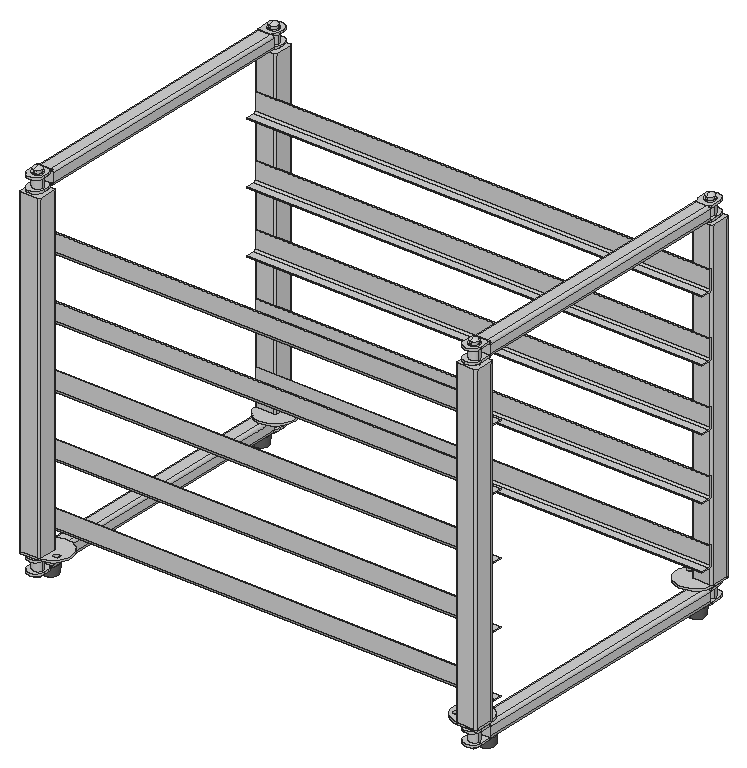
Revit family "QF_BOURGEAT_Echelle_de_mise_en_place", category Equipement spécialisé, Revit 2015
Parameters
  URL catalogue = "http://www.bourgeat.fr"
  URL = ""
  Type article = ""
  Spécification du Fabricant = "Echelle de mise en place"
  Profondeur hors tout = 383 mm
  Modèle = "845015"
  Longueur hors tout = 555 mm
  Hauteur hors tout = 448 mm
  Fabricant = "BOURGEAT"
  Description = ""
  Contact SAV = "0033(4).76.32.14.44"
  Type Comments = ""
  Charge max = 40.00 kg
Reference planes
  plane 1 "Centre (avant/arrière)": y = 0
  plane 2: z = 0
  plane 3 "Centre (gauche/droite)": x = 0
  plane 4: y = 191.5
  plane 5: y = -191.5
  plane 6: x = -277.5
  plane 7: x = 277.5
  plane 8: z = 448
  plane 9: z = 373.333
  plane 10: z = 298.667
  plane 11: z = 224
  plane 12: z = 149.333
  plane 13: z = 74.667
Forms (mm)
  Extrusion 1, solid, material "Acier inox"
    sketch origin (0, 0, 0) x (1, 0, 0) y (0, 1, 0)
      loop
        arc (-275.1, 191.5) -> (-276.797, 190.797) -> (-277.5, 189.1) r 2.4
        line (-277.5, 189.1) -> (-277.5, 168.9)
        arc (-277.5, 168.9) -> (-276.797, 167.203) -> (-275.1, 166.5) r 2.4
        line (-275.1, 166.5) -> (-254.9, 166.5)
        arc (-254.9, 166.5) -> (-253.203, 167.203) -> (-252.5, 168.9) r 2.4
        line (-252.5, 168.9) -> (-252.5, 189.1)
        arc (-252.5, 189.1) -> (-253.203, 190.797) -> (-254.9, 191.5) r 2.4
        line (-254.9, 191.5) -> (-275.1, 191.5)
    from 34.2 to 425.2
  Extrusion 2, solid, material "Acier inox"
    sketch origin (0, -358, 0) x (1, 0, 0) y (0, 1, 0)
      loop
        arc (-275.1, 191.5) -> (-276.797, 190.797) -> (-277.5, 189.1) r 2.4
        line (-277.5, 189.1) -> (-277.5, 168.9)
        arc (-277.5, 168.9) -> (-276.797, 167.203) -> (-275.1, 166.5) r 2.4
        line (-275.1, 166.5) -> (-254.9, 166.5)
        arc (-254.9, 166.5) -> (-253.203, 167.203) -> (-252.5, 168.9) r 2.4
        line (-252.5, 168.9) -> (-252.5, 189.1)
        arc (-252.5, 189.1) -> (-253.203, 190.797) -> (-254.9, 191.5) r 2.4
        line (-254.9, 191.5) -> (-275.1, 191.5)
    from 34.2 to 425.2
  Extrusion 3, solid, material "Acier inox"
    sketch origin (0, 0, 0) x (1, 0, 0) y (0, 1, 0)
      loop
        arc (-255, -191.5) -> (-239.09, -153.09) -> (-277.5, -169) r 22.5
        line (-277.5, -169) -> (-277.5, -189.1)
        arc (-277.5, -189.1) -> (-276.797, -190.797) -> (-275.1, -191.5) r 2.4
        line (-275.1, -191.5) -> (-255, -191.5)
      loop
        arc (-241.75, -180.5) -> (-238.5, -177.25) -> (-241.75, -174) r 3.25
        line (-241.75, -174) -> (-243.25, -174)
        arc (-243.25, -174) -> (-246.5, -177.25) -> (-243.25, -180.5) r 3.25
        line (-243.25, -180.5) -> (-241.75, -180.5)
    from 32.2 to 34.2
  Extrusion 4, solid, material "Acier inox"
    sketch origin (0, 0, 0) x (1, 0, 0) y (0, 1, 0)
      loop
        line (-255, 191.5) -> (-275.1, 191.5)
        arc (-275.1, 191.5) -> (-276.797, 190.797) -> (-277.5, 189.1) r 2.4
        line (-277.5, 189.1) -> (-277.5, 169)
        arc (-277.5, 169) -> (-239.09, 153.09) -> (-255, 191.5) r 22.5
      loop
        line (-241.75, 180.5) -> (-243.25, 180.5)
        arc (-243.25, 180.5) -> (-246.5, 177.25) -> (-243.25, 174) r 3.25
        line (-243.25, 174) -> (-241.75, 174)
        arc (-241.75, 174) -> (-238.5, 177.25) -> (-241.75, 180.5) r 3.25
    from 32.2 to 34.2
  Extrusion 5, solid, material "Acier inox"
    sketch origin (0, 0, 0) x (1, 0, 0) y (0, 1, 0)
      loop
        circle (-265, -179) r 6
    from 11.7 to 445.7
  Extrusion 6, solid, material "Acier inox"
    sketch origin (0, 0, 0) x (1, 0, 0) y (0, 1, 0)
      loop
        circle (-265, 179) r 6
    from 11.7 to 445.7
  Extrusion 7, solid, material "Acier inox"
    sketch origin (0, 0, 0) x (1, 0, 0) y (0, 1, 0)
      loop
        arc (-258, 167.954) -> (-257.871, 168.661) -> (-257.5, 169.277) r 2
        arc (-257.5, 169.277) -> (-255.646, 172.356) -> (-255, 175.891) r 10
        line (-255, 175.891) -> (-255, 181.5)
        arc (-255, 181.5) -> (-265, 191.5) -> (-275, 181.5) r 10
        line (-275, 181.5) -> (-275, 168.5)
        arc (-275, 168.5) -> (-274.414, 167.086) -> (-273, 166.5) r 2
        line (-273, 166.5) -> (-271.5, 166.5) -> (-258, 166.5) -> (-258, 167.954)
    from 443.2 to 445.2
  Extrusion 8, solid, material "Acier inox"
    sketch origin (0, 0, -15) x (1, 0, 0) y (0, 1, 0)
      loop
        arc (-258, 167.954) -> (-257.871, 168.661) -> (-257.5, 169.277) r 2
        arc (-257.5, 169.277) -> (-255.646, 172.356) -> (-255, 175.891) r 10
        line (-255, 175.891) -> (-255, 181.5)
        arc (-255, 181.5) -> (-265, 191.5) -> (-275, 181.5) r 10
        line (-275, 181.5) -> (-275, 168.5)
        arc (-275, 168.5) -> (-274.414, 167.086) -> (-273, 166.5) r 2
        line (-273, 166.5) -> (-271.5, 166.5) -> (-258, 166.5) -> (-258, 167.954)
    from 443.2 to 445.2
  Extrusion 9, solid, material "Acier inox"
    sketch origin (0, 0, -416) x (1, 0, 0) y (0, 1, 0)
      loop
        arc (-258, 167.954) -> (-257.871, 168.661) -> (-257.5, 169.277) r 2
        arc (-257.5, 169.277) -> (-255.646, 172.356) -> (-255, 175.891) r 10
        line (-255, 175.891) -> (-255, 181.5)
        arc (-255, 181.5) -> (-265, 191.5) -> (-275, 181.5) r 10
        line (-275, 181.5) -> (-275, 168.5)
        arc (-275, 168.5) -> (-274.414, 167.086) -> (-273, 166.5) r 2
        line (-273, 166.5) -> (-271.5, 166.5) -> (-258, 166.5) -> (-258, 167.954)
    from 443.2 to 445.2
  Extrusion 10, solid, material "Acier inox"
    sketch origin (0, 0, -431) x (1, 0, 0) y (0, 1, 0)
      loop
        arc (-258, 167.954) -> (-257.871, 168.661) -> (-257.5, 169.277) r 2
        arc (-257.5, 169.277) -> (-255.646, 172.356) -> (-255, 175.891) r 10
        line (-255, 175.891) -> (-255, 181.5)
        arc (-255, 181.5) -> (-265, 191.5) -> (-275, 181.5) r 10
        line (-275, 181.5) -> (-275, 168.5)
        arc (-275, 168.5) -> (-274.414, 167.086) -> (-273, 166.5) r 2
        line (-273, 166.5) -> (-271.5, 166.5) -> (-258, 166.5) -> (-258, 167.954)
    from 443.2 to 445.2
  Extrusion 11, solid, material "Acier inox"
    sketch origin (0, 0, 0) x (1, 0, 0) y (0, 1, 0)
      loop
        line (-258, -167.954) -> (-258, -166.5) -> (-271.5, -166.5) -> (-273, -166.5)
        arc (-273, -166.5) -> (-274.414, -167.086) -> (-275, -168.5) r 2
        line (-275, -168.5) -> (-275, -181.5)
        arc (-275, -181.5) -> (-265, -191.5) -> (-255, -181.5) r 10
        line (-255, -181.5) -> (-255, -175.891)
        arc (-255, -175.891) -> (-255.646, -172.356) -> (-257.5, -169.277) r 10
        arc (-257.5, -169.277) -> (-257.871, -168.661) -> (-258, -167.954) r 2
    from 443.2 to 445.2
  Extrusion 12, solid, material "Acier inox"
    sketch origin (0, 0, -15) x (1, 0, 0) y (0, 1, 0)
      loop
        line (-258, -167.954) -> (-258, -166.5) -> (-271.5, -166.5) -> (-273, -166.5)
        arc (-273, -166.5) -> (-274.414, -167.086) -> (-275, -168.5) r 2
        line (-275, -168.5) -> (-275, -181.5)
        arc (-275, -181.5) -> (-265, -191.5) -> (-255, -181.5) r 10
        line (-255, -181.5) -> (-255, -175.891)
        arc (-255, -175.891) -> (-255.646, -172.356) -> (-257.5, -169.277) r 10
        arc (-257.5, -169.277) -> (-257.871, -168.661) -> (-258, -167.954) r 2
    from 443.2 to 445.2
  Extrusion 13, solid, material "Acier inox"
    sketch origin (0, 0, -416) x (1, 0, 0) y (0, 1, 0)
      loop
        line (-258, -167.954) -> (-258, -166.5) -> (-271.5, -166.5) -> (-273, -166.5)
        arc (-273, -166.5) -> (-274.414, -167.086) -> (-275, -168.5) r 2
        line (-275, -168.5) -> (-275, -181.5)
        arc (-275, -181.5) -> (-265, -191.5) -> (-255, -181.5) r 10
        line (-255, -181.5) -> (-255, -175.891)
        arc (-255, -175.891) -> (-255.646, -172.356) -> (-257.5, -169.277) r 10
        arc (-257.5, -169.277) -> (-257.871, -168.661) -> (-258, -167.954) r 2
    from 443.2 to 445.2
  Extrusion 14, solid, material "Acier inox"
    sketch origin (0, 0, -431) x (1, 0, 0) y (0, 1, 0)
      loop
        line (-258, -167.954) -> (-258, -166.5) -> (-271.5, -166.5) -> (-273, -166.5)
        arc (-273, -166.5) -> (-274.414, -167.086) -> (-275, -168.5) r 2
        line (-275, -168.5) -> (-275, -181.5)
        arc (-275, -181.5) -> (-265, -191.5) -> (-255, -181.5) r 10
        line (-255, -181.5) -> (-255, -175.891)
        arc (-255, -175.891) -> (-255.646, -172.356) -> (-257.5, -169.277) r 10
        arc (-257.5, -169.277) -> (-257.871, -168.661) -> (-258, -167.954) r 2
    from 443.2 to 445.2
  Extrusion 15, solid, material "Acier inox"
    sketch origin (0, 0, 0) x (1, 0, 0) y (0, 0, 1)
      loop
        arc (-275, 431.7) -> (-273.975, 429.225) -> (-271.5, 428.2) r 3.5
        line (-271.5, 428.2) -> (-258.5, 428.2)
        arc (-258.5, 428.2) -> (-256.025, 429.225) -> (-255, 431.7) r 3.5
        line (-255, 431.7) -> (-255, 441.7)
        arc (-255, 441.7) -> (-256.025, 444.175) -> (-258.5, 445.2) r 3.5
        line (-258.5, 445.2) -> (-271.5, 445.2)
        arc (-271.5, 445.2) -> (-273.975, 444.175) -> (-275, 441.7) r 3.5
        line (-275, 441.7) -> (-275, 431.7)
    from -166.5 to 166.5
  Extrusion 16, solid, material "Acier inox"
    sketch origin (0, 0, -416) x (1, 0, 0) y (0, 0, 1)
      loop
        arc (-275, 431.7) -> (-273.975, 429.225) -> (-271.5, 428.2) r 3.5
        line (-271.5, 428.2) -> (-258.5, 428.2)
        arc (-258.5, 428.2) -> (-256.025, 429.225) -> (-255, 431.7) r 3.5
        line (-255, 431.7) -> (-255, 441.7)
        arc (-255, 441.7) -> (-256.025, 444.175) -> (-258.5, 445.2) r 3.5
        line (-258.5, 445.2) -> (-271.5, 445.2)
        arc (-271.5, 445.2) -> (-273.975, 444.175) -> (-275, 441.7) r 3.5
        line (-275, 441.7) -> (-275, 431.7)
    from -166.5 to 166.5
  Revolve 17, solid, material "Acier inox"
    sketch origin (-265, 0, 0) x (0, 1, 0) y (0, 0, 1)
      loop
        line (-184, 449.7) -> (-183, 449.7) -> (-183, 445.7) -> (-179, 445.7) -> (-179, 451.9)
        arc (-179, 451.9) -> (-181.731, 451.326) -> (-184, 449.7) r 6.782
      axis (-179, 445.7) -> (-179, 451.9)
    angle from 0 to 360
  Revolve 18, solid, material "Acier inox"
    sketch origin (-265, 0, 457.4) x (0, 1, 0) y (0, 0, -1)
      loop
        line (-184, 449.7) -> (-183, 449.7) -> (-183, 445.7) -> (-179, 445.7) -> (-179, 451.9)
        arc (-179, 451.9) -> (-181.731, 451.326) -> (-184, 449.7) r 6.782
      axis (-179, 445.7) -> (-179, 451.9)
    angle from 0 to 360
  Revolve 19, solid, material "Acier inox"
    sketch origin (-265, 358, 0) x (0, 1, 0) y (0, 0, 1)
      loop
        line (-184, 449.7) -> (-183, 449.7) -> (-183, 445.7) -> (-179, 445.7) -> (-179, 451.9)
        arc (-179, 451.9) -> (-181.731, 451.326) -> (-184, 449.7) r 6.782
      axis (-179, 445.7) -> (-179, 451.9)
    angle from 0 to 360
  Revolve 20, solid, material "Acier inox"
    sketch origin (-265, 358, 457.4) x (0, 1, 0) y (0, 0, -1)
      loop
        line (-184, 449.7) -> (-183, 449.7) -> (-183, 445.7) -> (-179, 445.7) -> (-179, 451.9)
        arc (-179, 451.9) -> (-181.731, 451.326) -> (-184, 449.7) r 6.782
      axis (-179, 445.7) -> (-179, 451.9)
    angle from 0 to 360
  Revolve 21, solid, material "Noir"
    sketch origin (-265, 0, 0) x (0, 1, 0) y (0, 0, 1)
      loop
        line (150.5, 1.443) -> (153, 0) -> (159.5, 0) -> (159.5, 11.7) -> (149.85, 11.7) -> (150.5, 1.443)
      axis (159.5, 11.7) -> (159.5, 0)
    angle from 0 to 360
  Revolve 22, solid, material "Noir"
    sketch origin (-265, -319.027, 0) x (0, 1, 0) y (0, 0, 1)
      loop
        line (150.5, 1.443) -> (153, 0) -> (159.5, 0) -> (159.5, 11.7) -> (149.85, 11.7) -> (150.5, 1.443)
      axis (159.5, 11.7) -> (159.5, 0)
    angle from 0 to 360
  Extrusion 23, solid, material "Acier inox"
    sketch origin (0, 0, 0) x (-1, 0, 0) y (0, -1, 0)
      loop
        line (-275.1, -191.5) -> (-254.9, -191.5)
        arc (-254.9, -191.5) -> (-253.203, -190.797) -> (-252.5, -189.1) r 2.4
        line (-252.5, -189.1) -> (-252.5, -168.9)
        arc (-252.5, -168.9) -> (-253.203, -167.203) -> (-254.9, -166.5) r 2.4
        line (-254.9, -166.5) -> (-275.1, -166.5)
        arc (-275.1, -166.5) -> (-276.797, -167.203) -> (-277.5, -168.9) r 2.4
        line (-277.5, -168.9) -> (-277.5, -189.1)
        arc (-277.5, -189.1) -> (-276.797, -190.797) -> (-275.1, -191.5) r 2.4
    from 34.2 to 425.2
  Extrusion 24, solid, material "Acier inox"
    sketch origin (0, -358, 0) x (-1, 0, 0) y (0, -1, 0)
      loop
        line (-275.1, -191.5) -> (-254.9, -191.5)
        arc (-254.9, -191.5) -> (-253.203, -190.797) -> (-252.5, -189.1) r 2.4
        line (-252.5, -189.1) -> (-252.5, -168.9)
        arc (-252.5, -168.9) -> (-253.203, -167.203) -> (-254.9, -166.5) r 2.4
        line (-254.9, -166.5) -> (-275.1, -166.5)
        arc (-275.1, -166.5) -> (-276.797, -167.203) -> (-277.5, -168.9) r 2.4
        line (-277.5, -168.9) -> (-277.5, -189.1)
        arc (-277.5, -189.1) -> (-276.797, -190.797) -> (-275.1, -191.5) r 2.4
    from 34.2 to 425.2
  Extrusion 25, solid, material "Acier inox"
    sketch origin (0, 0, 0) x (-1, 0, 0) y (0, -1, 0)
      loop
        line (-255, 191.5) -> (-275.1, 191.5)
        arc (-275.1, 191.5) -> (-276.797, 190.797) -> (-277.5, 189.1) r 2.4
        line (-277.5, 189.1) -> (-277.5, 169)
        arc (-277.5, 169) -> (-239.09, 153.09) -> (-255, 191.5) r 22.5
      loop
        line (-241.75, 180.5) -> (-243.25, 180.5)
        arc (-243.25, 180.5) -> (-246.5, 177.25) -> (-243.25, 174) r 3.25
        line (-243.25, 174) -> (-241.75, 174)
        arc (-241.75, 174) -> (-238.5, 177.25) -> (-241.75, 180.5) r 3.25
    from 32.2 to 34.2
  Extrusion 26, solid, material "Acier inox"
    sketch origin (0, 0, 0) x (-1, 0, 0) y (0, -1, 0)
      loop
        arc (-255, -191.5) -> (-239.09, -153.09) -> (-277.5, -169) r 22.5
        line (-277.5, -169) -> (-277.5, -189.1)
        arc (-277.5, -189.1) -> (-276.797, -190.797) -> (-275.1, -191.5) r 2.4
        line (-275.1, -191.5) -> (-255, -191.5)
      loop
        arc (-241.75, -180.5) -> (-238.5, -177.25) -> (-241.75, -174) r 3.25
        line (-241.75, -174) -> (-243.25, -174)
        arc (-243.25, -174) -> (-246.5, -177.25) -> (-243.25, -180.5) r 3.25
        line (-243.25, -180.5) -> (-241.75, -180.5)
    from 32.2 to 34.2
  Extrusion 27, solid, material "Acier inox"
    sketch origin (0, 0, 0) x (-1, 0, 0) y (0, -1, 0)
      loop
        circle (-265, 179) r 6
    from 11.7 to 445.7
  Extrusion 28, solid, material "Acier inox"
    sketch origin (0, 0, 0) x (-1, 0, 0) y (0, -1, 0)
      loop
        circle (-265, -179) r 6
    from 11.7 to 445.7
  Extrusion 29, solid, material "Acier inox"
    sketch origin (0, 0, 0) x (-1, 0, 0) y (0, -1, 0)
      loop
        line (-258, -167.954) -> (-258, -166.5) -> (-271.5, -166.5) -> (-273, -166.5)
        arc (-273, -166.5) -> (-274.414, -167.086) -> (-275, -168.5) r 2
        line (-275, -168.5) -> (-275, -181.5)
        arc (-275, -181.5) -> (-265, -191.5) -> (-255, -181.5) r 10
        line (-255, -181.5) -> (-255, -175.891)
        arc (-255, -175.891) -> (-255.646, -172.356) -> (-257.5, -169.277) r 10
        arc (-257.5, -169.277) -> (-257.871, -168.661) -> (-258, -167.954) r 2
    from 443.2 to 445.2
  Extrusion 30, solid, material "Acier inox"
    sketch origin (0, 0, -15) x (-1, 0, 0) y (0, -1, 0)
      loop
        line (-258, -167.954) -> (-258, -166.5) -> (-271.5, -166.5) -> (-273, -166.5)
        arc (-273, -166.5) -> (-274.414, -167.086) -> (-275, -168.5) r 2
        line (-275, -168.5) -> (-275, -181.5)
        arc (-275, -181.5) -> (-265, -191.5) -> (-255, -181.5) r 10
        line (-255, -181.5) -> (-255, -175.891)
        arc (-255, -175.891) -> (-255.646, -172.356) -> (-257.5, -169.277) r 10
        arc (-257.5, -169.277) -> (-257.871, -168.661) -> (-258, -167.954) r 2
    from 443.2 to 445.2
  Extrusion 31, solid, material "Acier inox"
    sketch origin (0, 0, -416) x (-1, 0, 0) y (0, -1, 0)
      loop
        line (-258, -167.954) -> (-258, -166.5) -> (-271.5, -166.5) -> (-273, -166.5)
        arc (-273, -166.5) -> (-274.414, -167.086) -> (-275, -168.5) r 2
        line (-275, -168.5) -> (-275, -181.5)
        arc (-275, -181.5) -> (-265, -191.5) -> (-255, -181.5) r 10
        line (-255, -181.5) -> (-255, -175.891)
        arc (-255, -175.891) -> (-255.646, -172.356) -> (-257.5, -169.277) r 10
        arc (-257.5, -169.277) -> (-257.871, -168.661) -> (-258, -167.954) r 2
    from 443.2 to 445.2
  Extrusion 32, solid, material "Acier inox"
    sketch origin (0, 0, -431) x (-1, 0, 0) y (0, -1, 0)
      loop
        line (-258, -167.954) -> (-258, -166.5) -> (-271.5, -166.5) -> (-273, -166.5)
        arc (-273, -166.5) -> (-274.414, -167.086) -> (-275, -168.5) r 2
        line (-275, -168.5) -> (-275, -181.5)
        arc (-275, -181.5) -> (-265, -191.5) -> (-255, -181.5) r 10
        line (-255, -181.5) -> (-255, -175.891)
        arc (-255, -175.891) -> (-255.646, -172.356) -> (-257.5, -169.277) r 10
        arc (-257.5, -169.277) -> (-257.871, -168.661) -> (-258, -167.954) r 2
    from 443.2 to 445.2
  Extrusion 33, solid, material "Acier inox"
    sketch origin (0, 0, 0) x (-1, 0, 0) y (0, -1, 0)
      loop
        arc (-258, 167.954) -> (-257.871, 168.661) -> (-257.5, 169.277) r 2
        arc (-257.5, 169.277) -> (-255.646, 172.356) -> (-255, 175.891) r 10
        line (-255, 175.891) -> (-255, 181.5)
        arc (-255, 181.5) -> (-265, 191.5) -> (-275, 181.5) r 10
        line (-275, 181.5) -> (-275, 168.5)
        arc (-275, 168.5) -> (-274.414, 167.086) -> (-273, 166.5) r 2
        line (-273, 166.5) -> (-271.5, 166.5) -> (-258, 166.5) -> (-258, 167.954)
    from 443.2 to 445.2
  Extrusion 34, solid, material "Acier inox"
    sketch origin (0, 0, -15) x (-1, 0, 0) y (0, -1, 0)
      loop
        arc (-258, 167.954) -> (-257.871, 168.661) -> (-257.5, 169.277) r 2
        arc (-257.5, 169.277) -> (-255.646, 172.356) -> (-255, 175.891) r 10
        line (-255, 175.891) -> (-255, 181.5)
        arc (-255, 181.5) -> (-265, 191.5) -> (-275, 181.5) r 10
        line (-275, 181.5) -> (-275, 168.5)
        arc (-275, 168.5) -> (-274.414, 167.086) -> (-273, 166.5) r 2
        line (-273, 166.5) -> (-271.5, 166.5) -> (-258, 166.5) -> (-258, 167.954)
    from 443.2 to 445.2
  Extrusion 35, solid, material "Acier inox"
    sketch origin (0, 0, -416) x (-1, 0, 0) y (0, -1, 0)
      loop
        arc (-258, 167.954) -> (-257.871, 168.661) -> (-257.5, 169.277) r 2
        arc (-257.5, 169.277) -> (-255.646, 172.356) -> (-255, 175.891) r 10
        line (-255, 175.891) -> (-255, 181.5)
        arc (-255, 181.5) -> (-265, 191.5) -> (-275, 181.5) r 10
        line (-275, 181.5) -> (-275, 168.5)
        arc (-275, 168.5) -> (-274.414, 167.086) -> (-273, 166.5) r 2
        line (-273, 166.5) -> (-271.5, 166.5) -> (-258, 166.5) -> (-258, 167.954)
    from 443.2 to 445.2
  Extrusion 36, solid, material "Acier inox"
    sketch origin (0, 0, -431) x (-1, 0, 0) y (0, -1, 0)
      loop
        arc (-258, 167.954) -> (-257.871, 168.661) -> (-257.5, 169.277) r 2
        arc (-257.5, 169.277) -> (-255.646, 172.356) -> (-255, 175.891) r 10
        line (-255, 175.891) -> (-255, 181.5)
        arc (-255, 181.5) -> (-265, 191.5) -> (-275, 181.5) r 10
        line (-275, 181.5) -> (-275, 168.5)
        arc (-275, 168.5) -> (-274.414, 167.086) -> (-273, 166.5) r 2
        line (-273, 166.5) -> (-271.5, 166.5) -> (-258, 166.5) -> (-258, 167.954)
    from 443.2 to 445.2
  Extrusion 37, solid, material "Acier inox"
    sketch origin (0, 0, 0) x (-1, 0, 0) y (0, 0, -1)
      loop
        line (-275, -431.7) -> (-275, -441.7)
        arc (-275, -441.7) -> (-273.975, -444.175) -> (-271.5, -445.2) r 3.5
        line (-271.5, -445.2) -> (-258.5, -445.2)
        arc (-258.5, -445.2) -> (-256.025, -444.175) -> (-255, -441.7) r 3.5
        line (-255, -441.7) -> (-255, -431.7)
        arc (-255, -431.7) -> (-256.025, -429.225) -> (-258.5, -428.2) r 3.5
        line (-258.5, -428.2) -> (-271.5, -428.2)
        arc (-271.5, -428.2) -> (-273.975, -429.225) -> (-275, -431.7) r 3.5
    from -166.5 to 166.5
  Extrusion 38, solid, material "Acier inox"
    sketch origin (0, 0, -416) x (-1, 0, 0) y (0, 0, -1)
      loop
        line (-275, -431.7) -> (-275, -441.7)
        arc (-275, -441.7) -> (-273.975, -444.175) -> (-271.5, -445.2) r 3.5
        line (-271.5, -445.2) -> (-258.5, -445.2)
        arc (-258.5, -445.2) -> (-256.025, -444.175) -> (-255, -441.7) r 3.5
        line (-255, -441.7) -> (-255, -431.7)
        arc (-255, -431.7) -> (-256.025, -429.225) -> (-258.5, -428.2) r 3.5
        line (-258.5, -428.2) -> (-271.5, -428.2)
        arc (-271.5, -428.2) -> (-273.975, -429.225) -> (-275, -431.7) r 3.5
    from -166.5 to 166.5
  Revolve 39, solid, material "Acier inox"
    sketch origin (265, 0, 0) x (0, 1, 0) y (0, 0, -1)
      loop
        arc (-184, -449.7) -> (-181.731, -451.326) -> (-179, -451.9) r 6.782
        line (-179, -451.9) -> (-179, -445.7) -> (-183, -445.7) -> (-183, -449.7) -> (-184, -449.7)
      axis (-179, -445.7) -> (-179, -451.9)
    angle from 0 to 360
  Revolve 40, solid, material "Acier inox"
    sketch origin (265, 0, 457.4) x (0, 1, 0) y (0, 0, -1)
      loop
        line (-184, 449.7) -> (-183, 449.7) -> (-183, 445.7) -> (-179, 445.7) -> (-179, 451.9)
        arc (-179, 451.9) -> (-181.731, 451.326) -> (-184, 449.7) r 6.782
      axis (-179, 445.7) -> (-179, 451.9)
    angle from 0 to 360
  Revolve 41, solid, material "Acier inox"
    sketch origin (265, 358, 0) x (0, 1, 0) y (0, 0, -1)
      loop
        arc (-184, -449.7) -> (-181.731, -451.326) -> (-179, -451.9) r 6.782
        line (-179, -451.9) -> (-179, -445.7) -> (-183, -445.7) -> (-183, -449.7) -> (-184, -449.7)
      axis (-179, -445.7) -> (-179, -451.9)
    angle from 0 to 360
  Revolve 42, solid, material "Acier inox"
    sketch origin (265, 358, 457.4) x (0, 1, 0) y (0, 0, -1)
      loop
        line (-184, 449.7) -> (-183, 449.7) -> (-183, 445.7) -> (-179, 445.7) -> (-179, 451.9)
        arc (-179, 451.9) -> (-181.731, 451.326) -> (-184, 449.7) r 6.782
      axis (-179, 445.7) -> (-179, 451.9)
    angle from 0 to 360
  Revolve 43, solid, material "Noir"
    sketch origin (265, 0, 0) x (0, 1, 0) y (0, 0, -1)
      loop
        line (150.5, -1.443) -> (149.85, -11.7) -> (159.5, -11.7) -> (159.5, 0) -> (153, 0) -> (150.5, -1.443)
      axis (159.5, -11.7) -> (159.5, 0)
    angle from 0 to 360
  Revolve 44, solid, material "Noir"
    sketch origin (265, -319.027, 0) x (0, 1, 0) y (0, 0, -1)
      loop
        line (150.5, -1.443) -> (149.85, -11.7) -> (159.5, -11.7) -> (159.5, 0) -> (153, 0) -> (150.5, -1.443)
      axis (159.5, -11.7) -> (159.5, 0)
    angle from 0 to 360
  Extrusion 45, solid, material "Acier inox"
    sketch origin (0, 0, 0) x (0, 1, 0) y (0, 0, 1)
      loop
        line (165.3, 377.7) -> (165.3, 356.4)
        arc (165.3, 356.4) -> (164.714, 354.986) -> (163.3, 354.4) r 2
        line (163.3, 354.4) -> (152.8, 354.4) -> (152.8, 353.2) -> (163.3, 353.2)
        arc (163.3, 353.2) -> (165.563, 354.137) -> (166.5, 356.4) r 3.2
        line (166.5, 356.4) -> (166.5, 377.7) -> (165.3, 377.7)
    from -276 to 276
  Extrusion 46, solid, material "Acier inox"
    sketch origin (0, 0, 0) x (0, -1, 0) y (0, 0, -1)
      loop
        line (165.3, -377.7) -> (166.5, -377.7) -> (166.5, -356.4)
        arc (166.5, -356.4) -> (165.563, -354.137) -> (163.3, -353.2) r 3.2
        line (163.3, -353.2) -> (152.8, -353.2) -> (152.8, -354.4) -> (163.3, -354.4)
        arc (163.3, -354.4) -> (164.714, -354.986) -> (165.3, -356.4) r 2
        line (165.3, -356.4) -> (165.3, -377.7)
    from -276 to 276
  Extrusion 47, solid, material "Acier inox"
    sketch origin (0, 0, -75) x (0, 1, 0) y (0, 0, 1)
      loop
        line (165.3, 377.7) -> (165.3, 356.4)
        arc (165.3, 356.4) -> (164.714, 354.986) -> (163.3, 354.4) r 2
        line (163.3, 354.4) -> (152.8, 354.4) -> (152.8, 353.2) -> (163.3, 353.2)
        arc (163.3, 353.2) -> (165.563, 354.137) -> (166.5, 356.4) r 3.2
        line (166.5, 356.4) -> (166.5, 377.7) -> (165.3, 377.7)
    from -276 to 276
  Extrusion 48, solid, material "Acier inox"
    sketch origin (0, 0, -75) x (0, -1, 0) y (0, 0, -1)
      loop
        line (165.3, -377.7) -> (166.5, -377.7) -> (166.5, -356.4)
        arc (166.5, -356.4) -> (165.563, -354.137) -> (163.3, -353.2) r 3.2
        line (163.3, -353.2) -> (152.8, -353.2) -> (152.8, -354.4) -> (163.3, -354.4)
        arc (163.3, -354.4) -> (164.714, -354.986) -> (165.3, -356.4) r 2
        line (165.3, -356.4) -> (165.3, -377.7)
    from -276 to 276
  Extrusion 49, solid, material "Acier inox"
    sketch origin (0, 0, -150) x (0, 1, 0) y (0, 0, 1)
      loop
        line (165.3, 377.7) -> (165.3, 356.4)
        arc (165.3, 356.4) -> (164.714, 354.986) -> (163.3, 354.4) r 2
        line (163.3, 354.4) -> (152.8, 354.4) -> (152.8, 353.2) -> (163.3, 353.2)
        arc (163.3, 353.2) -> (165.563, 354.137) -> (166.5, 356.4) r 3.2
        line (166.5, 356.4) -> (166.5, 377.7) -> (165.3, 377.7)
    from -276 to 276
  Extrusion 50, solid, material "Acier inox"
    sketch origin (0, 0, -150) x (0, -1, 0) y (0, 0, -1)
      loop
        line (165.3, -377.7) -> (166.5, -377.7) -> (166.5, -356.4)
        arc (166.5, -356.4) -> (165.563, -354.137) -> (163.3, -353.2) r 3.2
        line (163.3, -353.2) -> (152.8, -353.2) -> (152.8, -354.4) -> (163.3, -354.4)
        arc (163.3, -354.4) -> (164.714, -354.986) -> (165.3, -356.4) r 2
        line (165.3, -356.4) -> (165.3, -377.7)
    from -276 to 276
  Extrusion 51, solid, material "Acier inox"
    sketch origin (0, 0, -225) x (0, 1, 0) y (0, 0, 1)
      loop
        line (165.3, 377.7) -> (165.3, 356.4)
        arc (165.3, 356.4) -> (164.714, 354.986) -> (163.3, 354.4) r 2
        line (163.3, 354.4) -> (152.8, 354.4) -> (152.8, 353.2) -> (163.3, 353.2)
        arc (163.3, 353.2) -> (165.563, 354.137) -> (166.5, 356.4) r 3.2
        line (166.5, 356.4) -> (166.5, 377.7) -> (165.3, 377.7)
    from -276 to 276
  Extrusion 52, solid, material "Acier inox"
    sketch origin (0, 0, -225) x (0, -1, 0) y (0, 0, -1)
      loop
        line (165.3, -377.7) -> (166.5, -377.7) -> (166.5, -356.4)
        arc (166.5, -356.4) -> (165.563, -354.137) -> (163.3, -353.2) r 3.2
        line (163.3, -353.2) -> (152.8, -353.2) -> (152.8, -354.4) -> (163.3, -354.4)
        arc (163.3, -354.4) -> (164.714, -354.986) -> (165.3, -356.4) r 2
        line (165.3, -356.4) -> (165.3, -377.7)
    from -276 to 276
  Extrusion 53, solid, material "Acier inox"
    sketch origin (0, 0, -300) x (0, 1, 0) y (0, 0, 1)
      loop
        line (165.3, 377.7) -> (165.3, 356.4)
        arc (165.3, 356.4) -> (164.714, 354.986) -> (163.3, 354.4) r 2
        line (163.3, 354.4) -> (152.8, 354.4) -> (152.8, 353.2) -> (163.3, 353.2)
        arc (163.3, 353.2) -> (165.563, 354.137) -> (166.5, 356.4) r 3.2
        line (166.5, 356.4) -> (166.5, 377.7) -> (165.3, 377.7)
    from -276 to 276
  Extrusion 54, solid, material "Acier inox"
    sketch origin (0, 0, -300) x (0, -1, 0) y (0, 0, -1)
      loop
        line (165.3, -377.7) -> (166.5, -377.7) -> (166.5, -356.4)
        arc (166.5, -356.4) -> (165.563, -354.137) -> (163.3, -353.2) r 3.2
        line (163.3, -353.2) -> (152.8, -353.2) -> (152.8, -354.4) -> (163.3, -354.4)
        arc (163.3, -354.4) -> (164.714, -354.986) -> (165.3, -356.4) r 2
        line (165.3, -356.4) -> (165.3, -377.7)
    from -276 to 276
Cuts and joins
  joined: Extrusion 2, Extrusion 5
  joined: Extrusion 1, Extrusion 6
Dimensions and locks
  equal spacing: plane 4, plane 1 "Centre (avant/arrière)", plane 5
  "Profondeur hors tout": plane 4 to plane 5
  equal spacing: plane 6, plane 3 "Centre (gauche/droite)", plane 7
  "Longueur hors tout": plane 6 to plane 7
  "Hauteur hors tout": plane 8 to plane 2
  equal spacing: plane 8, plane 9, plane 10, plane 11, plane 12, plane 13, plane 2
  plane 6 to Extrusion 1 sketch curve = 25 mm
  aligned and locked: level to plane 2
  aligned and locked: Extrusion 1 sketch curve to plane 4
Automatic sketch dimensions
  Extrusion 1 sketch curve to plane 6 = 0 mm
  plane 6 to Extrusion 1 sketch curve = 2.4 mm
  Extrusion 1 sketch curve to Extrusion 1 sketch curve = 2.4 mm  (x3)
  Extrusion 1 sketch curve to Extrusion 1 sketch curve = 20.2 mm
  Extrusion 2 sketch curve to plane 6 = 0 mm
  Extrusion 2 sketch curve to plane 5 = 0 mm
  plane 6 to Extrusion 2 sketch curve = 2.4 mm
  Extrusion 2 sketch curve to Extrusion 2 sketch curve = 2.4 mm
  Extrusion 2 sketch curve to Extrusion 2 sketch curve = 20.2 mm  (x2)
  plane 5 to Extrusion 2 sketch curve = 2.4 mm
  Extrusion 2 sketch curve to Extrusion 2 sketch curve = 0 mm
  Extrusion 3 sketch curve to plane 6 = 0 mm
  Extrusion 3 sketch curve to plane 5 = 0 mm
  plane 6 to Extrusion 3 sketch curve = 2.4 mm
  Extrusion 3 sketch curve to Extrusion 3 sketch curve = 20.1 mm
  Extrusion 3 sketch curve to Extrusion 3 sketch curve = 11.75 mm
  Extrusion 3 sketch curve to Extrusion 3 sketch curve = 1.5 mm
  plane 5 to Extrusion 3 sketch curve = 11 mm
  Extrusion 3 sketch curve to Extrusion 3 sketch curve = 3.25 mm
  Extrusion 4 sketch curve to plane 6 = 0 mm
  Extrusion 4 sketch curve to plane 4 = 0 mm
  Extrusion 4 sketch curve to plane 6 = 2.4 mm
  Extrusion 4 sketch curve to Extrusion 4 sketch curve = 20.1 mm
  Extrusion 4 sketch curve to Extrusion 4 sketch curve = 11.75 mm
  Extrusion 4 sketch curve to Extrusion 4 sketch curve = 1.5 mm
  plane 4 to Extrusion 4 sketch curve = 11 mm
  Extrusion 4 sketch curve to Extrusion 4 sketch curve = 3.25 mm
  Extrusion 6 sketch curve to plane 6 = 12.5 mm
  plane 4 to Extrusion 6 sketch curve = 12.5 mm
  plane 6 to Extrusion 7 sketch curve = 2.5 mm
  Extrusion 7 sketch curve to Extrusion 7 sketch curve = 2 mm  (x2)
  Extrusion 7 sketch curve to Extrusion 7 sketch curve = 1.5 mm
  Extrusion 7 sketch curve to Extrusion 7 sketch curve = 10 mm
  Extrusion 7 sketch curve to Extrusion 7 sketch curve = 0 mm
  Extrusion 7 sketch curve to Extrusion 7 sketch curve = 3 mm
  Extrusion 7 sketch curve to plane 4 = 25 mm
  Extrusion 7 sketch curve to Extrusion 7 sketch curve = 1.454 mm
  Extrusion 7 sketch curve to Extrusion 7 sketch curve = 7.937 mm
  Extrusion 7 sketch curve to Extrusion 7 sketch curve = 5.609 mm
  plane 6 to Extrusion 8 sketch curve = 2.5 mm
  Extrusion 8 sketch curve to Extrusion 8 sketch curve = 2 mm  (x2)
  Extrusion 8 sketch curve to Extrusion 8 sketch curve = 1.5 mm
  Extrusion 8 sketch curve to Extrusion 8 sketch curve = 10 mm
  Extrusion 8 sketch curve to Extrusion 8 sketch curve = 0 mm
  Extrusion 8 sketch curve to Extrusion 8 sketch curve = 3 mm
  Extrusion 8 sketch curve to plane 4 = 25 mm
  Extrusion 8 sketch curve to Extrusion 8 sketch curve = 1.454 mm
  Extrusion 8 sketch curve to Extrusion 8 sketch curve = 7.937 mm
  Extrusion 8 sketch curve to Extrusion 8 sketch curve = 5.609 mm
  plane 6 to Extrusion 9 sketch curve = 2.5 mm
  Extrusion 9 sketch curve to Extrusion 9 sketch curve = 2 mm  (x2)
  Extrusion 9 sketch curve to Extrusion 9 sketch curve = 1.5 mm
  Extrusion 9 sketch curve to Extrusion 9 sketch curve = 10 mm
  Extrusion 9 sketch curve to Extrusion 9 sketch curve = 0 mm
  Extrusion 9 sketch curve to Extrusion 9 sketch curve = 3 mm
  Extrusion 9 sketch curve to plane 4 = 25 mm
  Extrusion 9 sketch curve to Extrusion 9 sketch curve = 1.454 mm
  Extrusion 9 sketch curve to Extrusion 9 sketch curve = 7.937 mm
  Extrusion 9 sketch curve to Extrusion 9 sketch curve = 5.609 mm
  plane 6 to Extrusion 10 sketch curve = 2.5 mm
  Extrusion 10 sketch curve to Extrusion 10 sketch curve = 2 mm  (x2)
  Extrusion 10 sketch curve to Extrusion 10 sketch curve = 1.5 mm
  Extrusion 10 sketch curve to Extrusion 10 sketch curve = 10 mm
  Extrusion 10 sketch curve to Extrusion 10 sketch curve = 0 mm
  Extrusion 10 sketch curve to Extrusion 10 sketch curve = 3 mm
  Extrusion 10 sketch curve to plane 4 = 25 mm
  Extrusion 10 sketch curve to Extrusion 10 sketch curve = 1.454 mm
  Extrusion 10 sketch curve to Extrusion 10 sketch curve = 7.937 mm
  Extrusion 10 sketch curve to Extrusion 10 sketch curve = 5.609 mm
  plane 6 to Extrusion 11 sketch curve = 2.5 mm
  Extrusion 11 sketch curve to Extrusion 11 sketch curve = 2 mm  (x2)
  Extrusion 11 sketch curve to Extrusion 11 sketch curve = 1.5 mm
  Extrusion 11 sketch curve to Extrusion 11 sketch curve = 10 mm
  Extrusion 11 sketch curve to Extrusion 11 sketch curve = 0 mm
  Extrusion 11 sketch curve to Extrusion 11 sketch curve = 3 mm
  plane 5 to Extrusion 11 sketch curve = 10 mm
  Extrusion 11 sketch curve to Extrusion 11 sketch curve = 5.609 mm
  Extrusion 11 sketch curve to Extrusion 11 sketch curve = 7.391 mm
  Extrusion 11 sketch curve to Extrusion 11 sketch curve = 1.454 mm
  plane 6 to Extrusion 12 sketch curve = 2.5 mm
  Extrusion 12 sketch curve to Extrusion 12 sketch curve = 2 mm  (x2)
  Extrusion 12 sketch curve to Extrusion 12 sketch curve = 1.5 mm
  Extrusion 12 sketch curve to Extrusion 12 sketch curve = 10 mm
  Extrusion 12 sketch curve to Extrusion 12 sketch curve = 0 mm
  Extrusion 12 sketch curve to Extrusion 12 sketch curve = 3 mm
  plane 5 to Extrusion 12 sketch curve = 10 mm
  Extrusion 12 sketch curve to Extrusion 12 sketch curve = 5.609 mm
  Extrusion 12 sketch curve to Extrusion 12 sketch curve = 7.391 mm
  Extrusion 12 sketch curve to Extrusion 12 sketch curve = 1.454 mm
  plane 6 to Extrusion 13 sketch curve = 2.5 mm
  Extrusion 13 sketch curve to Extrusion 13 sketch curve = 2 mm  (x2)
  Extrusion 13 sketch curve to Extrusion 13 sketch curve = 1.5 mm
  Extrusion 13 sketch curve to Extrusion 13 sketch curve = 10 mm
  Extrusion 13 sketch curve to Extrusion 13 sketch curve = 0 mm
  Extrusion 13 sketch curve to Extrusion 13 sketch curve = 3 mm
  plane 5 to Extrusion 13 sketch curve = 10 mm
  Extrusion 13 sketch curve to Extrusion 13 sketch curve = 5.609 mm
  Extrusion 13 sketch curve to Extrusion 13 sketch curve = 7.391 mm
  Extrusion 13 sketch curve to Extrusion 13 sketch curve = 1.454 mm
  plane 6 to Extrusion 14 sketch curve = 2.5 mm
  Extrusion 14 sketch curve to Extrusion 14 sketch curve = 2 mm  (x2)
  Extrusion 14 sketch curve to Extrusion 14 sketch curve = 1.5 mm
  Extrusion 14 sketch curve to Extrusion 14 sketch curve = 10 mm
  Extrusion 14 sketch curve to Extrusion 14 sketch curve = 0 mm
  Extrusion 14 sketch curve to Extrusion 14 sketch curve = 3 mm
  plane 5 to Extrusion 14 sketch curve = 10 mm
  Extrusion 14 sketch curve to Extrusion 14 sketch curve = 5.609 mm
  Extrusion 14 sketch curve to Extrusion 14 sketch curve = 7.391 mm
  Extrusion 14 sketch curve to Extrusion 14 sketch curve = 1.454 mm
  plane 6 to Extrusion 15 sketch curve = 2.5 mm
  Extrusion 15 sketch curve to Extrusion 15 sketch curve = 3.5 mm  (x3)
  Extrusion 15 sketch curve to plane 8 = 2.8 mm
  Extrusion 15 sketch curve to Extrusion 15 sketch curve = 13 mm  (x2)
  Extrusion 15 sketch curve to Extrusion 15 sketch curve = 10 mm
  plane 6 to Extrusion 16 sketch curve = 2.5 mm
  Extrusion 16 sketch curve to Extrusion 16 sketch curve = 3.5 mm  (x3)
  Extrusion 16 sketch curve to Extrusion 16 sketch curve = 13 mm  (x2)
  level to Extrusion 16 sketch curve = 12.2 mm
  Extrusion 16 sketch curve to Extrusion 16 sketch curve = 10 mm
  plane 8 to Revolve 17 sketch curve = 1.7 mm
  plane 5 to Revolve 17 sketch curve = 7.5 mm
  Revolve 17 sketch curve to Revolve 17 sketch curve = 1 mm
  Revolve 17 sketch curve to Revolve 17 sketch curve = 4 mm
  Revolve 17 sketch curve to plane 8 = 2.3 mm
  Revolve 17 sketch curve to Revolve 17 sketch curve = 0.582 mm
  Revolve 17 sketch curve to Revolve 17 sketch curve = 0 mm  (x3)
  Revolve 18 sketch curve to plane 5 = 7.5 mm
  Revolve 18 sketch curve to Revolve 18 sketch curve = 1 mm
  Revolve 18 sketch curve to Revolve 18 sketch curve = 4 mm  (x2)
  Revolve 18 sketch curve to level = 12.282 mm
  Revolve 18 sketch curve to Revolve 18 sketch curve = 0.582 mm
  Revolve 18 sketch curve to Revolve 18 sketch curve = 0 mm  (x3)
  plane 8 to Revolve 19 sketch curve = 1.7 mm
  Revolve 19 sketch curve to plane 4 = 17.5 mm
  Revolve 19 sketch curve to Revolve 19 sketch curve = 1 mm
  Revolve 19 sketch curve to Revolve 19 sketch curve = 4 mm
  Revolve 19 sketch curve to plane 8 = 2.3 mm
  Revolve 19 sketch curve to Revolve 19 sketch curve = 0.582 mm
  Revolve 19 sketch curve to Revolve 19 sketch curve = 0 mm  (x3)
  Revolve 20 sketch curve to level = 7.7 mm
  plane 4 to Revolve 20 sketch curve = 17.5 mm
  Revolve 20 sketch curve to Revolve 20 sketch curve = 1 mm
  Revolve 20 sketch curve to Revolve 20 sketch curve = 4 mm  (x2)
  Revolve 20 sketch curve to Revolve 20 sketch curve = 0.582 mm
  Revolve 20 sketch curve to Revolve 20 sketch curve = 0 mm  (x3)
  Revolve 21 sketch curve to level = 0 mm  (x2)
  level to Revolve 21 sketch curve = 11.7 mm
  Revolve 21 sketch curve to plane 4 = 41.65 mm
  level to Revolve 21 sketch curve = 1.443 mm
  Revolve 21 sketch curve to Revolve 21 sketch curve = 0.65 mm
  Revolve 21 sketch curve to Revolve 21 sketch curve = 2.5 mm
  Revolve 21 sketch curve to Revolve 21 sketch curve = 9.65 mm
  Revolve 21 sketch curve to Revolve 21 sketch curve = 0 mm  (x2)
  Revolve 22 sketch curve to level = 0 mm  (x2)
  plane 5 to Revolve 22 sketch curve = 22.323 mm
  level to Revolve 22 sketch curve = 1.443 mm
  Revolve 22 sketch curve to Revolve 22 sketch curve = 0.65 mm
  Revolve 22 sketch curve to Revolve 22 sketch curve = 2.5 mm
  Revolve 22 sketch curve to Revolve 22 sketch curve = 9.65 mm
  Revolve 22 sketch curve to Revolve 22 sketch curve = 11.7 mm
  Revolve 22 sketch curve to Revolve 22 sketch curve = 0 mm  (x2)
  Extrusion 23 sketch curve to plane 7 = 0 mm
  Extrusion 23 sketch curve to plane 4 = 0 mm
  plane 7 to Extrusion 23 sketch curve = 2.4 mm
  plane 4 to Extrusion 23 sketch curve = 2.4 mm
  Extrusion 23 sketch curve to Extrusion 23 sketch curve = 20.2 mm  (x2)
  Extrusion 23 sketch curve to Extrusion 23 sketch curve = 0 mm
  Extrusion 23 sketch curve to Extrusion 23 sketch curve = 2.4 mm
  Extrusion 24 sketch curve to plane 7 = 0 mm
  Extrusion 24 sketch curve to plane 5 = 0 mm
  plane 7 to Extrusion 24 sketch curve = 2.4 mm
  Extrusion 24 sketch curve to Extrusion 24 sketch curve = 2.4 mm
  Extrusion 24 sketch curve to Extrusion 24 sketch curve = 20.2 mm  (x2)
  Extrusion 24 sketch curve to plane 5 = 2.4 mm
  Extrusion 24 sketch curve to Extrusion 24 sketch curve = 0 mm
  Extrusion 25 sketch curve to plane 7 = 0 mm
  Extrusion 25 sketch curve to plane 5 = 0 mm
  plane 7 to Extrusion 25 sketch curve = 2.4 mm
  Extrusion 25 sketch curve to Extrusion 25 sketch curve = 20.1 mm
  Extrusion 25 sketch curve to Extrusion 25 sketch curve = 11.75 mm
  Extrusion 25 sketch curve to Extrusion 25 sketch curve = 1.5 mm
  Extrusion 25 sketch curve to plane 5 = 11 mm
  Extrusion 25 sketch curve to Extrusion 25 sketch curve = 3.25 mm
  Extrusion 26 sketch curve to plane 7 = 0 mm
  Extrusion 26 sketch curve to plane 4 = 0 mm
  Extrusion 26 sketch curve to plane 7 = 2.4 mm
  Extrusion 26 sketch curve to Extrusion 26 sketch curve = 20.1 mm
  Extrusion 26 sketch curve to Extrusion 26 sketch curve = 11.75 mm
  Extrusion 26 sketch curve to Extrusion 26 sketch curve = 1.5 mm
  Extrusion 26 sketch curve to plane 4 = 11 mm
  Extrusion 26 sketch curve to Extrusion 26 sketch curve = 3.25 mm
  plane 7 to Extrusion 27 sketch curve = 12.5 mm
  Extrusion 27 sketch curve to plane 5 = 12.5 mm
  Extrusion 28 sketch curve to plane 7 = 12.5 mm
  Extrusion 28 sketch curve to plane 4 = 12.5 mm
  Extrusion 29 sketch curve to plane 7 = 2.5 mm
  Extrusion 29 sketch curve to Extrusion 29 sketch curve = 2 mm  (x2)
  Extrusion 29 sketch curve to Extrusion 29 sketch curve = 1.5 mm
  Extrusion 29 sketch curve to Extrusion 29 sketch curve = 10 mm
  Extrusion 29 sketch curve to Extrusion 29 sketch curve = 0 mm
  Extrusion 29 sketch curve to Extrusion 29 sketch curve = 3 mm
  Extrusion 29 sketch curve to plane 4 = 10 mm
  Extrusion 29 sketch curve to Extrusion 29 sketch curve = 5.609 mm
  Extrusion 29 sketch curve to Extrusion 29 sketch curve = 7.391 mm
  Extrusion 29 sketch curve to Extrusion 29 sketch curve = 1.454 mm
  Extrusion 30 sketch curve to plane 7 = 2.5 mm
  Extrusion 30 sketch curve to Extrusion 30 sketch curve = 2 mm  (x2)
  Extrusion 30 sketch curve to Extrusion 30 sketch curve = 1.5 mm
  Extrusion 30 sketch curve to Extrusion 30 sketch curve = 10 mm
  Extrusion 30 sketch curve to Extrusion 30 sketch curve = 0 mm
  Extrusion 30 sketch curve to Extrusion 30 sketch curve = 3 mm
  Extrusion 30 sketch curve to plane 4 = 10 mm
  Extrusion 30 sketch curve to Extrusion 30 sketch curve = 5.609 mm
  Extrusion 30 sketch curve to Extrusion 30 sketch curve = 7.391 mm
  Extrusion 30 sketch curve to Extrusion 30 sketch curve = 1.454 mm
  Extrusion 31 sketch curve to plane 7 = 2.5 mm
  Extrusion 31 sketch curve to Extrusion 31 sketch curve = 2 mm  (x2)
  Extrusion 31 sketch curve to Extrusion 31 sketch curve = 1.5 mm
  Extrusion 31 sketch curve to Extrusion 31 sketch curve = 10 mm
  Extrusion 31 sketch curve to Extrusion 31 sketch curve = 0 mm
  Extrusion 31 sketch curve to Extrusion 31 sketch curve = 3 mm
  Extrusion 31 sketch curve to plane 4 = 10 mm
  Extrusion 31 sketch curve to Extrusion 31 sketch curve = 5.609 mm
  Extrusion 31 sketch curve to Extrusion 31 sketch curve = 7.391 mm
  Extrusion 31 sketch curve to Extrusion 31 sketch curve = 1.454 mm
  Extrusion 32 sketch curve to plane 7 = 2.5 mm
  Extrusion 32 sketch curve to Extrusion 32 sketch curve = 2 mm  (x2)
  Extrusion 32 sketch curve to Extrusion 32 sketch curve = 1.5 mm
  Extrusion 32 sketch curve to Extrusion 32 sketch curve = 10 mm
  Extrusion 32 sketch curve to Extrusion 32 sketch curve = 0 mm
  Extrusion 32 sketch curve to Extrusion 32 sketch curve = 3 mm
  Extrusion 32 sketch curve to plane 4 = 10 mm
  Extrusion 32 sketch curve to Extrusion 32 sketch curve = 5.609 mm
  Extrusion 32 sketch curve to Extrusion 32 sketch curve = 7.391 mm
  Extrusion 32 sketch curve to Extrusion 32 sketch curve = 1.454 mm
  Extrusion 33 sketch curve to plane 7 = 2.5 mm
  Extrusion 33 sketch curve to Extrusion 33 sketch curve = 2 mm  (x2)
  Extrusion 33 sketch curve to Extrusion 33 sketch curve = 1.5 mm
  Extrusion 33 sketch curve to Extrusion 33 sketch curve = 10 mm
  Extrusion 33 sketch curve to Extrusion 33 sketch curve = 0 mm
  Extrusion 33 sketch curve to Extrusion 33 sketch curve = 3 mm
  plane 5 to Extrusion 33 sketch curve = 25 mm
  Extrusion 33 sketch curve to Extrusion 33 sketch curve = 1.454 mm
  Extrusion 33 sketch curve to Extrusion 33 sketch curve = 7.937 mm
  Extrusion 33 sketch curve to Extrusion 33 sketch curve = 5.609 mm
  Extrusion 34 sketch curve to plane 7 = 2.5 mm
  Extrusion 34 sketch curve to Extrusion 34 sketch curve = 2 mm  (x2)
  Extrusion 34 sketch curve to Extrusion 34 sketch curve = 1.5 mm
  Extrusion 34 sketch curve to Extrusion 34 sketch curve = 10 mm
  Extrusion 34 sketch curve to Extrusion 34 sketch curve = 0 mm
  Extrusion 34 sketch curve to Extrusion 34 sketch curve = 3 mm
  plane 5 to Extrusion 34 sketch curve = 25 mm
  Extrusion 34 sketch curve to Extrusion 34 sketch curve = 1.454 mm
  Extrusion 34 sketch curve to Extrusion 34 sketch curve = 7.937 mm
  Extrusion 34 sketch curve to Extrusion 34 sketch curve = 5.609 mm
  Extrusion 35 sketch curve to plane 7 = 2.5 mm
  Extrusion 35 sketch curve to Extrusion 35 sketch curve = 2 mm  (x2)
  Extrusion 35 sketch curve to Extrusion 35 sketch curve = 1.5 mm
  Extrusion 35 sketch curve to Extrusion 35 sketch curve = 10 mm
  Extrusion 35 sketch curve to Extrusion 35 sketch curve = 0 mm
  Extrusion 35 sketch curve to Extrusion 35 sketch curve = 3 mm
  plane 5 to Extrusion 35 sketch curve = 25 mm
  Extrusion 35 sketch curve to Extrusion 35 sketch curve = 1.454 mm
  Extrusion 35 sketch curve to Extrusion 35 sketch curve = 7.937 mm
  Extrusion 35 sketch curve to Extrusion 35 sketch curve = 5.609 mm
  Extrusion 36 sketch curve to plane 7 = 2.5 mm
  Extrusion 36 sketch curve to Extrusion 36 sketch curve = 2 mm  (x2)
  Extrusion 36 sketch curve to Extrusion 36 sketch curve = 1.5 mm
  Extrusion 36 sketch curve to Extrusion 36 sketch curve = 10 mm
  Extrusion 36 sketch curve to Extrusion 36 sketch curve = 0 mm
  Extrusion 36 sketch curve to Extrusion 36 sketch curve = 3 mm
  plane 5 to Extrusion 36 sketch curve = 25 mm
  Extrusion 36 sketch curve to Extrusion 36 sketch curve = 1.454 mm
  Extrusion 36 sketch curve to Extrusion 36 sketch curve = 7.937 mm
  Extrusion 36 sketch curve to Extrusion 36 sketch curve = 5.609 mm
  plane 7 to Extrusion 37 sketch curve = 2.5 mm
  Extrusion 37 sketch curve to Extrusion 37 sketch curve = 3.5 mm  (x3)
  plane 8 to Extrusion 37 sketch curve = 2.8 mm
  Extrusion 37 sketch curve to Extrusion 37 sketch curve = 13 mm  (x2)
  Extrusion 37 sketch curve to Extrusion 37 sketch curve = 10 mm
  plane 7 to Extrusion 38 sketch curve = 2.5 mm
  Extrusion 38 sketch curve to Extrusion 38 sketch curve = 3.5 mm  (x3)
  Extrusion 38 sketch curve to Extrusion 38 sketch curve = 13 mm  (x2)
  Extrusion 38 sketch curve to level = 12.2 mm
  Extrusion 38 sketch curve to Extrusion 38 sketch curve = 10 mm
  plane 8 to Revolve 39 sketch curve = 1.7 mm
  plane 5 to Revolve 39 sketch curve = 7.5 mm
  Revolve 39 sketch curve to Revolve 39 sketch curve = 1 mm
  Revolve 39 sketch curve to Revolve 39 sketch curve = 4 mm
  plane 8 to Revolve 39 sketch curve = 3.9 mm
  Revolve 39 sketch curve to plane 8 = 2.3 mm
  Revolve 39 sketch curve to Revolve 39 sketch curve = 0 mm  (x3)
  plane 5 to Revolve 40 sketch curve = 7.5 mm
  Revolve 40 sketch curve to Revolve 40 sketch curve = 1 mm
  Revolve 40 sketch curve to Revolve 40 sketch curve = 4 mm  (x2)
  level to Revolve 40 sketch curve = 12.282 mm
  Revolve 40 sketch curve to Revolve 40 sketch curve = 0.582 mm
  Revolve 40 sketch curve to Revolve 40 sketch curve = 0 mm  (x3)
  plane 8 to Revolve 41 sketch curve = 1.7 mm
  Revolve 41 sketch curve to plane 4 = 17.5 mm
  Revolve 41 sketch curve to Revolve 41 sketch curve = 1 mm
  Revolve 41 sketch curve to Revolve 41 sketch curve = 4 mm
  plane 8 to Revolve 41 sketch curve = 3.9 mm
  Revolve 41 sketch curve to plane 8 = 2.3 mm
  Revolve 41 sketch curve to Revolve 41 sketch curve = 0 mm  (x3)
  level to Revolve 42 sketch curve = 7.7 mm
  Revolve 42 sketch curve to plane 4 = 17.5 mm
  Revolve 42 sketch curve to Revolve 42 sketch curve = 1 mm
  Revolve 42 sketch curve to Revolve 42 sketch curve = 4 mm  (x2)
  Revolve 42 sketch curve to Revolve 42 sketch curve = 0.582 mm
  Revolve 42 sketch curve to Revolve 42 sketch curve = 0 mm  (x3)
  Revolve 43 sketch curve to level = 0 mm  (x2)
  level to Revolve 43 sketch curve = 11.7 mm
  Revolve 43 sketch curve to plane 4 = 41.65 mm
  level to Revolve 43 sketch curve = 1.443 mm
  Revolve 43 sketch curve to Revolve 43 sketch curve = 0.65 mm
  Revolve 43 sketch curve to Revolve 43 sketch curve = 2.5 mm
  Revolve 43 sketch curve to Revolve 43 sketch curve = 9.65 mm
  Revolve 43 sketch curve to Revolve 43 sketch curve = 0 mm  (x2)
  Revolve 44 sketch curve to level = 0 mm  (x2)
  plane 5 to Revolve 44 sketch curve = 22.323 mm
  level to Revolve 44 sketch curve = 1.443 mm
  Revolve 44 sketch curve to Revolve 44 sketch curve = 0.65 mm
  Revolve 44 sketch curve to Revolve 44 sketch curve = 2.5 mm
  Revolve 44 sketch curve to Revolve 44 sketch curve = 9.65 mm
  Revolve 44 sketch curve to Revolve 44 sketch curve = 10.257 mm
  Revolve 44 sketch curve to Revolve 44 sketch curve = 0 mm  (x2)
  Extrusion 45 sketch curve to Extrusion 45 sketch curve = 0 mm  (x2)
  Extrusion 45 sketch curve to plane 4 = 38.7 mm
  Extrusion 45 sketch curve to Extrusion 45 sketch curve = 10.5 mm
  Extrusion 45 sketch curve to Extrusion 45 sketch curve = 2 mm
  Extrusion 45 sketch curve to Extrusion 45 sketch curve = 1.2 mm
  Extrusion 45 sketch curve to plane 9 = 20.133 mm
  plane 9 to Extrusion 45 sketch curve = 4.367 mm
  Extrusion 46 sketch curve to Extrusion 46 sketch curve = 0 mm  (x2)
  plane 9 to Extrusion 46 sketch curve = 20.133 mm
  Extrusion 46 sketch curve to plane 5 = 38.7 mm
  Extrusion 46 sketch curve to Extrusion 46 sketch curve = 10.5 mm
  Extrusion 46 sketch curve to Extrusion 46 sketch curve = 2 mm
  Extrusion 46 sketch curve to Extrusion 46 sketch curve = 1.2 mm
  Extrusion 46 sketch curve to plane 9 = 4.367 mm
  Extrusion 47 sketch curve to Extrusion 47 sketch curve = 0 mm  (x2)
  Extrusion 47 sketch curve to plane 4 = 38.7 mm
  Extrusion 47 sketch curve to Extrusion 47 sketch curve = 10.5 mm
  Extrusion 47 sketch curve to Extrusion 47 sketch curve = 2 mm
  Extrusion 47 sketch curve to Extrusion 47 sketch curve = 1.2 mm
  Extrusion 47 sketch curve to plane 10 = 20.467 mm
  plane 10 to Extrusion 47 sketch curve = 4.033 mm
  Extrusion 48 sketch curve to Extrusion 48 sketch curve = 0 mm  (x2)
  plane 10 to Extrusion 48 sketch curve = 20.467 mm
  Extrusion 48 sketch curve to plane 5 = 38.7 mm
  Extrusion 48 sketch curve to Extrusion 48 sketch curve = 10.5 mm
  Extrusion 48 sketch curve to Extrusion 48 sketch curve = 2 mm
  Extrusion 48 sketch curve to Extrusion 48 sketch curve = 1.2 mm
  Extrusion 48 sketch curve to plane 10 = 4.033 mm
  Extrusion 49 sketch curve to Extrusion 49 sketch curve = 0 mm  (x2)
  Extrusion 49 sketch curve to plane 4 = 38.7 mm
  Extrusion 49 sketch curve to Extrusion 49 sketch curve = 10.5 mm
  Extrusion 49 sketch curve to Extrusion 49 sketch curve = 2 mm
  Extrusion 49 sketch curve to Extrusion 49 sketch curve = 1.2 mm
  Extrusion 49 sketch curve to plane 11 = 20.8 mm
  plane 11 to Extrusion 49 sketch curve = 3.7 mm
  Extrusion 50 sketch curve to Extrusion 50 sketch curve = 0 mm  (x2)
  plane 11 to Extrusion 50 sketch curve = 20.8 mm
  Extrusion 50 sketch curve to plane 5 = 38.7 mm
  Extrusion 50 sketch curve to Extrusion 50 sketch curve = 10.5 mm
  Extrusion 50 sketch curve to Extrusion 50 sketch curve = 2 mm
  Extrusion 50 sketch curve to Extrusion 50 sketch curve = 1.2 mm
  Extrusion 50 sketch curve to plane 11 = 3.7 mm
  Extrusion 51 sketch curve to Extrusion 51 sketch curve = 0 mm  (x2)
  Extrusion 51 sketch curve to plane 4 = 38.7 mm
  Extrusion 51 sketch curve to Extrusion 51 sketch curve = 10.5 mm
  Extrusion 51 sketch curve to Extrusion 51 sketch curve = 2 mm
  Extrusion 51 sketch curve to Extrusion 51 sketch curve = 1.2 mm
  Extrusion 51 sketch curve to plane 12 = 21.133 mm
  plane 12 to Extrusion 51 sketch curve = 3.367 mm
  Extrusion 52 sketch curve to Extrusion 52 sketch curve = 0 mm  (x2)
  plane 12 to Extrusion 52 sketch curve = 21.133 mm
  Extrusion 52 sketch curve to plane 5 = 38.7 mm
  Extrusion 52 sketch curve to Extrusion 52 sketch curve = 10.5 mm
  Extrusion 52 sketch curve to Extrusion 52 sketch curve = 2 mm
  Extrusion 52 sketch curve to Extrusion 52 sketch curve = 1.2 mm
  Extrusion 52 sketch curve to plane 12 = 3.367 mm
  Extrusion 53 sketch curve to Extrusion 53 sketch curve = 0 mm  (x2)
  Extrusion 53 sketch curve to plane 4 = 38.7 mm
  Extrusion 53 sketch curve to Extrusion 53 sketch curve = 10.5 mm
  Extrusion 53 sketch curve to Extrusion 53 sketch curve = 2 mm
  Extrusion 53 sketch curve to Extrusion 53 sketch curve = 1.2 mm
  Extrusion 53 sketch curve to plane 13 = 21.467 mm
  plane 13 to Extrusion 53 sketch curve = 3.033 mm
  Extrusion 54 sketch curve to Extrusion 54 sketch curve = 0 mm  (x2)
  plane 13 to Extrusion 54 sketch curve = 21.467 mm
  Extrusion 54 sketch curve to plane 5 = 38.7 mm
  Extrusion 54 sketch curve to Extrusion 54 sketch curve = 10.5 mm
  Extrusion 54 sketch curve to Extrusion 54 sketch curve = 2 mm
  Extrusion 54 sketch curve to Extrusion 54 sketch curve = 1.2 mm
  Extrusion 54 sketch curve to plane 13 = 3.033 mm
  radius of Extrusion 6 sketch curve = 6 mm
  radius of Extrusion 27 sketch curve = 6 mm
  radius of Extrusion 28 sketch curve = 6 mm
